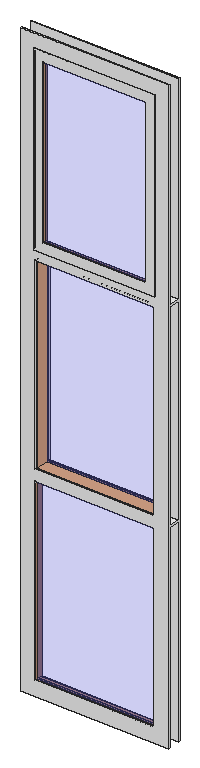
Revit family "WCT_A3-Durowin-1445x359-SS13", category Windows, host Wall, Revit 2016
Family settings
  Host = Wall
  Always vertical = Yes
  Cut with Voids When Loaded = No
  Shared = No
  Room Calculation Point = No
Parameters (values of type "SS13 Durowin")
  URL = "www.Durowin.com"
  Model = "SS Industrial Type"
  Manufacturer = "Durowin"
  Manufacture Code = "SS13"
  Height = 1445 mm
  Frame Material = Steel Frame
  Default Sill Height = 1500 mm
  Wall Closure = By host
  Width = 359 mm
  Assembly Code = "B2020120"
Reference planes
  plane 1 "Cl": y = 0
  plane 2 "Center (Left/Right)": x = 0
  plane 3 "Left": x = -179.5
  plane 4 "Right": x = 179.5
  plane 5 "Sill": z = 1500
  plane 6 "Head": z = 2945
  plane 7 "Exterior": y = 75
  plane 8 "Interior": y = -75
  plane 9: z = 1981.667
  plane 10: z = 2463.333
Forms (mm)
  Sweep 1, solid, material "Steel Frame" <- "Frame Material", detail levels medium+fine
    path origin (0, 8.3, 0) x (1, 0, 0) y (0, 0, 1)
      loop
        line (-144.5, 1994.367) -> (144.5, 1994.367) -> (144.5, 2450.633) -> (-144.5, 2450.633) -> (-144.5, 1994.367)
    profile "Durowin Residential L-F7 : L-F7" origin (-144.5, 8.3, 2222.5) x (-1, 0, 0) y (0, -1, 0)
      loop
        line (0, 22) -> (0, 19) -> (3, 19) -> (3, 0) -> (-13.1, 0) -> (-13.1, -3) -> (6, -3) -> (6, 19) -> (19.1, 19) -> (19.1, 22) -> (0, 22)
  Extrusion 2, solid, material "Glass", detail levels medium+fine
    sketch origin (0, 8.3, 0) x (1, 0, 0) y (0, 0, 1)
      loop
        line (150.5, 1975.167) -> (-150.5, 1975.167) -> (-150.5, 1529) -> (150.5, 1529) -> (150.5, 1975.167)
    from 16.8 to 20.8
  Extrusion 3, solid, material "Glass", detail levels medium+fine
    sketch origin (0, 0, 0) x (1, 0, 0) y (0, 0, 1)
      loop
        line (-139.5, 1999.367) -> (139.5, 1999.367) -> (139.5, 2445.633) -> (-139.5, 2445.633) -> (-139.5, 1999.367)
    from -6.273 to -2.3
  Extrusion 4, solid, material "Glass", detail levels medium+fine
    sketch origin (0, 12.573, 0) x (1, 0, 0) y (0, 0, 1)
      loop
        line (130.7, 2489.633) -> (130.7, 2896.2) -> (-130.7, 2896.2) -> (-130.7, 2489.633) -> (130.7, 2489.633)
    from 22.567 to 26.567
  Sweep 5, solid, material "Steel Frame", detail levels medium+fine
    path origin (0, 12.573, 0) x (1, 0, 0) y (0, 0, 1)
      loop
        line (155.5, 2921) -> (-155.5, 2921) -> (-155.5, 2464.833) -> (155.5, 2464.833) -> (155.5, 2921)
    profile origin (155.5, 12.573, 2692.917) x (0, -1, 0) y (1, 0, 0)
      loop
        line (9.413, -19.8) -> (9.413, -6) -> (22.455, -6) -> (25.23, -10.805) -> (28.567, -10.805) -> (28.567, -30.5) -> (31.573, -30.5) -> (31.573, -7.805) -> (28.367, -7.805) -> (25.979, 0) -> (22.979, 0) -> (22.061, -3) -> (9.413, -3) -> (9.413, 0) -> (6.373, 0) -> (6.373, -19.8) -> (9.413, -19.8)
  Sweep 6, solid, material "Steel Frame" <- "Frame Material", detail levels medium+fine
    path origin (0, 0, 0) x (1, 0, 0) y (0, 0, 1)
      loop
        line (179.5, 1500) -> (179.5, 2945) -> (-179.5, 2945) -> (-179.5, 1500) -> (179.5, 1500)
    profile origin (179.5, 0, 2222.5) x (-1, 0, 0) y (0, -1, 0)
      loop
        line (0, -17.5) -> (24, -17.5) -> (24, 14.5) -> (35, 14.5) -> (35, 17.5) -> (0, 17.5) -> (0, 14.5) -> (21, 14.5) -> (21, -14.5) -> (0, -14.5) -> (0, -17.5)
  Sweep 7, solid, material "Trim", detail levels medium+fine
    path origin (-323.6, 0, 0) x (1, 0, 0) y (0, 0, 1)
      loop
        line (479.1, 1980.167) -> (168.1, 1980.167) -> (168.1, 1524) -> (479.1, 1524) -> (479.1, 1980.167)
    profile origin (155.5, 0, 1752.083) x (0, -1, 0) y (1, 0, 0)
      loop
        line (8.5, -11) -> (8.5, -5) -> (12.5, -5) -> (12.5, -11) -> (14.5, -11) -> (14.5, 0) -> (-17.5, 0) -> (8.5, -11)
  Sweep 8, solid, material "Steel Frame" <- "Frame Material", detail levels medium+fine
    path origin (0, 0, 0) x (1, 0, 0) y (0, 0, 1)
      loop
        line (179.5, 1981.667) -> (-179.5, 1981.667)
    profile origin (0, 0, 1981.667) x (0, 0, -1) y (0, -1, 0)
      loop
        line (-12.7, 14.473) -> (-1.5, 14.473) -> (-1.5, -17.5) -> (1.5, -17.5) -> (1.5, 14.473) -> (12.7, 14.473) -> (12.7, 17.5) -> (-12.7, 17.5) -> (-12.7, 14.473)
  Sweep 9, solid, material "Steel Frame" <- "Frame Material", detail levels medium+fine
    path origin (0, 0, 474.167) x (1, 0, 0) y (0, 0, 1)
      loop
        line (179.5, 1989.167) -> (-179.5, 1989.167)
    profile origin (0, 0, 2463.333) x (0, 0, -1) y (0, -1, 0)
      loop
        line (-12.7, 14.473) -> (-1.5, 14.473) -> (-1.5, -17.5) -> (1.5, -17.5) -> (1.5, 14.473) -> (12.7, 14.473) -> (12.7, 17.5) -> (-12.7, 17.5) -> (-12.7, 14.473)
  Sweep 10, solid, material "Trim", detail levels medium+fine
    path origin (834.5, 0, 0) x (-1, 0, 0) y (0, 0, 1)
      loop
        line (970.2, 2901.2) -> (698.8, 2901.2) -> (698.8, 2484.633) -> (970.2, 2484.633) -> (970.2, 2901.2)
    profile origin (-135.7, 0, 2692.917) x (0, 1, 0) y (-1, 0, 0)
      loop
        line (-9.994, -10.7) -> (6.2, 0) -> (-15.994, 0) -> (-15.994, -10.7) -> (-13.994, -10.7) -> (-13.994, -5) -> (-9.994, -5) -> (-9.994, -10.7)
  Sweep 11, solid, material "Trim", detail levels medium+fine
    path origin (867.7, 8.273, 0) x (1, 0, 0) y (0, 0, 1)
      loop
        line (-1012.2, 1994.367) -> (-723.2, 1994.367) -> (-723.2, 2450.633) -> (-1012.2, 2450.633) -> (-1012.2, 1994.367)
    profile "Putty : Trim" origin (-144.5, 8.273, 2222.5) x (-1, 0, 0) y (0, -1, 0)
      loop
        line (0, 20) -> (-12.5, 6) -> (-5, 6) -> (-5, 2) -> (-12.5, 2) -> (-12.5, 0) -> (0, 0) -> (0, 20)
Cuts and joins
  joined: Sweep 6, Sweep 8, Sweep 9
Lines and regions (mm)
  Opening 1
    outline origin (3500, -75, 0) x (1, 0, 0) y (0, 0, 1)
      loop
        line (-3320.5, 1500) -> (-3320.5, 2945) -> (-3679.5, 2945) -> (-3679.5, 1500) -> (-3320.5, 1500)
  symbolic lines, style "Elevation Swing Out"
    curve 1: line (0, 0, 2915.417) -> (-155.5, 0, 2464.833)
    curve 2: line (0, 0, 2915.417) -> (155.5, 0, 2464.833)
  symbolic lines, style "Elevation Swing"
    curve 3: line (0, 0, 2007.333) -> (-155.5, 0, 2464.833)
    curve 4: line (0, 0, 2007.333) -> (155.5, 0, 2464.833)
Text (mm)
  text "EXTERIOR" at (-1963.203, 1332.353, 0), in view "Ref. Level"
  text "INTERIOR" at (-1981.466, -818.386, 0), in view "Ref. Level"
  text "Exterior" at (0, 923.751, 2943.296), in view "Right"
  text "Exterior" at (0, 1040.484, 2685.409), in view "Left"
Dimensions and locks
  equal spacing: plane 3 "Left", plane 2 "Center (Left/Right)", plane 4 "Right"
  "Width": plane 3 "Left" to plane 4 "Right"
  "Height": plane 5 "Sill" to plane 6 "Head"
  "Default Sill Height": plane 5 "Sill" to level
  locked: plane 7 "Exterior" to host wall at 0
  locked: plane 8 "Interior" to host wall
  equal spacing: plane 6 "Head", plane 10, plane 9, plane 5 "Sill"
  aligned and locked: Sweep 6 sketch curve to host wall  (x4)
  aligned and locked: Sweep 8 sketch curve to plane 9
  aligned and locked: Sweep 9 sketch curve to plane 10
  aligned and locked: plane 3 "Left" to Sweep 9 sketch curve
  aligned and locked: plane 4 "Right" to Sweep 9 sketch curve
  aligned and locked: Sweep 7 sketch curve to cut or joined group of Sweep 6, Sweep 8, Sweep 9  (x4)
  aligned and locked: Sweep 1 to Sweep 11 sketch curve
  aligned and locked: Sweep 5 sketch curve to cut or joined group of Sweep 6, Sweep 8, Sweep 9  (x3)
  aligned and locked: cut or joined group of Sweep 6, Sweep 8, Sweep 9 to Sweep 1 sketch curve
  aligned and locked: Extrusion 4 to Sweep 10
  aligned and locked: Extrusion 3 sketch curve to Sweep 11  (x3)
  aligned and locked: Extrusion 2 sketch curve to Sweep 7  (x2)
  aligned and locked: Sweep 5 to Sweep 10 sketch curve
  aligned and locked: Sweep 10 to Extrusion 4 sketch curve
  aligned and locked: Sweep 11 sketch curve to Sweep 1
  aligned and locked: Sweep 10 sketch curve to Sweep 5
  aligned and locked: Extrusion 4 sketch curve to Sweep 10
Automatic sketch dimensions
  Opening 1 sketch curve to plane 3 "Left" = 0 mm
  Opening 1 sketch curve to plane 4 "Right" = 0 mm
  Opening 1 sketch curve to plane 5 "Sill" = 0 mm
  Opening 1 sketch curve to plane 6 "Head" = 0 mm
  Sweep 5 sketch curve to profile plane = 0 mm  (x2)
  profile plane to Sweep 5 sketch curve = 6.373 mm
  Sweep 5 sketch curve to Sweep 5 sketch curve = 3.04 mm  (x2)
  profile plane to Sweep 5 sketch curve = 3 mm
  Sweep 5 sketch curve to Sweep 5 sketch curve = 12.648 mm
  Sweep 5 sketch curve to Sweep 5 sketch curve = 0.395 mm
  Sweep 5 sketch curve to Sweep 5 sketch curve = 0.918 mm
  Sweep 5 sketch curve to Sweep 5 sketch curve = 2.774 mm
  Sweep 5 sketch curve to Sweep 5 sketch curve = 3 mm  (x3)
  profile plane to Sweep 5 sketch curve = 7.805 mm
  Sweep 5 sketch curve to Sweep 5 sketch curve = 3.137 mm
  Sweep 5 sketch curve to Sweep 5 sketch curve = 0.2 mm
  Sweep 5 sketch curve to Sweep 5 sketch curve = 3.206 mm
  Sweep 5 sketch curve to Sweep 5 sketch curve = 16.8 mm
  Sweep 5 sketch curve to Sweep 5 sketch curve = 19.695 mm
  Sweep 6 sketch curve to profile plane = 24 mm
  Sweep 6 sketch curve to plane 1 "Cl" = 17.5 mm
  Sweep 6 sketch curve to profile plane = 0 mm  (x2)
  Sweep 6 sketch curve to Sweep 6 sketch curve = 3 mm  (x3)
  Sweep 6 sketch curve to Sweep 6 sketch curve = 0 mm
  plane 1 "Cl" to Sweep 6 sketch curve = 14.5 mm
  Sweep 6 sketch curve to Sweep 6 sketch curve = 11 mm
  plane 9 to Sweep 1 sketch curve = 12.7 mm
  Sweep 7 sketch curve to profile plane = 0 mm
  Sweep 7 sketch curve to plane 1 "Cl" = 17.5 mm
  plane 1 "Cl" to Sweep 7 sketch curve = 8.5 mm
  Sweep 7 sketch curve to Sweep 7 sketch curve = 4 mm
  Sweep 7 sketch curve to Sweep 7 sketch curve = 2 mm
  profile plane to Sweep 7 sketch curve = 5 mm
  Sweep 7 sketch curve to Sweep 7 sketch curve = 6 mm
  Sweep 7 sketch curve to Sweep 7 sketch curve = 0 mm
  Sweep 8 sketch curve to plane 3 "Left" = 0 mm
  Sweep 8 sketch curve to plane 4 "Right" = 0 mm
  profile plane to Sweep 8 sketch curve = 12.7 mm
  profile plane to Sweep 8 sketch curve = 1.5 mm
  Sweep 8 sketch curve to profile plane = 1.5 mm
  Sweep 8 sketch curve to Sweep 8 sketch curve = 11.2 mm
  Sweep 8 sketch curve to plane 1 "Cl" = 17.5 mm
  plane 1 "Cl" to Sweep 8 sketch curve = 14.473 mm
  Sweep 8 sketch curve to Sweep 8 sketch curve = 0 mm
  Sweep 8 sketch curve to Sweep 8 sketch curve = 3.027 mm
  plane 10 to Sweep 5 sketch curve = 1.5 mm
  profile plane to Sweep 9 sketch curve = 12.7 mm
  profile plane to Sweep 9 sketch curve = 1.5 mm
  Sweep 9 sketch curve to profile plane = 1.5 mm
  Sweep 9 sketch curve to Sweep 9 sketch curve = 11.2 mm
  Sweep 9 sketch curve to plane 1 "Cl" = 17.5 mm
  plane 1 "Cl" to Sweep 9 sketch curve = 14.473 mm
  Sweep 9 sketch curve to Sweep 9 sketch curve = 0 mm
  Sweep 9 sketch curve to Sweep 9 sketch curve = 3.027 mm
  plane 10 to Sweep 10 sketch curve = 21.3 mm
  Sweep 10 sketch curve to profile plane = 0 mm
  plane 1 "Cl" to Sweep 10 sketch curve = 15.994 mm
  Sweep 10 sketch curve to Sweep 10 sketch curve = 2 mm
  Sweep 10 sketch curve to Sweep 10 sketch curve = 4 mm
  Sweep 10 sketch curve to plane 1 "Cl" = 6.2 mm
  profile plane to Sweep 10 sketch curve = 5 mm
  Sweep 10 sketch curve to Sweep 10 sketch curve = 5.7 mm
  Sweep 10 sketch curve to Sweep 10 sketch curve = 0 mm
  plane 9 to Sweep 11 sketch curve = 12.7 mm
  Sweep 11 sketch curve to plane 10 = 12.7 mm
  plane 4 "Right" to Sweep 1 sketch curve = 35 mm
  Sweep 1 sketch curve to plane 10 = 12.7 mm
  plane 4 "Right" to Extrusion 3 sketch curve = 40 mm
  plane 4 "Right" to Extrusion 4 sketch curve = 48.8 mm
  curve 4 to plane 2 "Center (Left/Right)" = 0 mm
  curve 1 to plane 2 "Center (Left/Right)" = 0 mm
  plane 10 to curve 1 = 1.5 mm
  curve 1 to plane 3 "Left" = 24 mm
  plane 4 "Right" to curve 4 = 24 mm
  plane 10 to curve 2 = 1.5 mm
  plane 9 to curve 3 = 25.666 mm
  Extrusion 2 sketch curve to plane 9 = 6.5 mm
  plane 4 "Right" to Extrusion 2 sketch curve = 29 mm
  plane 10 to Extrusion 4 sketch curve = 26.3 mm
  plane 4 "Right" to Sweep 10 sketch curve = 43.8 mm
  plane 10 to curve 2 = 452.084 mm
